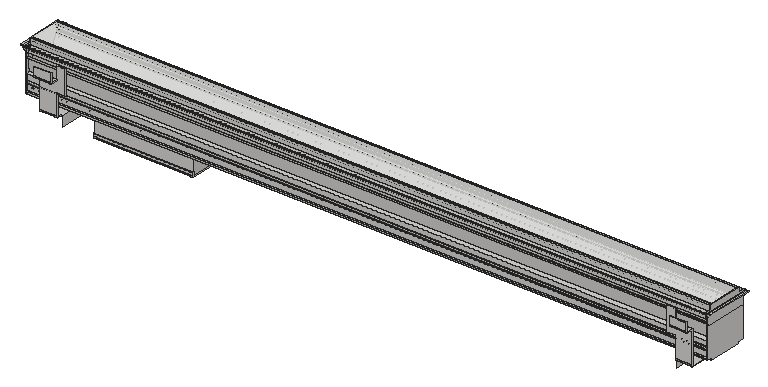
Revit family "CLighting-Luminii-Vesta_2_GT", category Lighting Fixtures, host Face, Revit 2020
Family settings
  Host = Face
  Round Connector Dimension = Use Diameter
  Part Type = Normal
  OmniClass Number = 23.80.70.11.14.21
  OmniClass Title = Spots and Tracklight Specialties
  Cut with Voids When Loaded = No
  Light Source = Yes
  Shared = Yes
  Room Calculation Point = No
Parameters (values of type "Vesta 2 GT - 4'")
  Width = 3.4252"  # constant formula
  Wattage Comments = "3.8 W"
  Wattage = 3.8 W
  Warranty URL = "https://www.luminii.com/terms-conditions/"
  built-in parameter 1150110 = 1 (stored number, unit not read)
  Voltage Comments = "120/277/347V"  # constant formula
  Voltage = 120 V
  Version = "2020 - v1.0a"  # constant formula
  URL = "https://www.luminii.com/"
  built-in parameter 1114217 = 1 (stored number, unit not read)
  Tilt Angle = -90.00°  # constant formula
  built-in parameter 1150109 = 1 (stored number, unit not read)
  built-in parameter 1150134 = (empty or 0)
  built-in parameter 1150113 = 1 (stored number, unit not read)
  Support Phone = "224-699-9545"  # constant formula
  Support Email = "mailto:support@bimsmith.com"
  Slot Bracket Height (1-11/16") [instance] = not([Slot Bracket Height (1-1/2")])  # no
  Slot Bracket Height (1-1/2") [instance] = yes
  Right Junction Box [instance] = not(Left Junction Box)  # no
  Right Cap [instance] = yes
  Product Page URL = "https://www.luminii.com/product/vesta-2-gt/"
  Power Source Type = "Driver"  # constant formula
  Power Factor = 1
  Photometric Web File = "363-90-4-35-F0-XX-04-00.ies"
  Phase = 1
  Operating Temperature = "Consult Manufacturer Website for more Information"  # constant formula
  Number of Poles = if(and(or(Voltage = 120 V, Voltage = 277 V), Phase = 1), 1, if(and(or(Voltage = 208 V, Voltage = 240 V), Phase = 1), 2, if(and(or(Voltage = 208 V, Voltage = 240 V), Phase = 3), 3, if(and(Voltage > 300 V, Phase = 1), 2, if(and(Voltage > 400 V, Phase = 3), 3, 1)))))  # 1
  Mounting Method = "Designed for suspended tile ceilings"  # constant formula
  Model = "Consult Manufacturer for More Information"  # constant formula
  Manufacturer Phone Number = "403-216-7043"  # constant formula
  Manufacturer Email = "mailto: info@sensolighting.com"
  Manufacturer Address = "302 50 Ave SE. Calgary, Alberta, T2G 2A9 Canada"  # constant formula
  Manufacturer = "Luminii"  # constant formula
  built-in parameter 1150105 = 51.407 (stored number, unit not read)
  Lumens = 646 lm
  Luminaire Type = "Recessed LED system designed for suspended tile ceilings"  # constant formula
  built-in parameter 1150115 = 1 (stored number, unit not read)
  Load Classification = Lighting
  built-in parameter 1150137 = (empty or 0)
  built-in parameter 1150139 = (empty or 0)
  Length = if(Constraints = 1, 24", if(Constraints = 2, 48", if(Constraints = 3, 60", if(Constraints = 4, 72", if(Constraints = 5, 96", if(Constraints = 6, 120", if(Constraints = 7, 144", 24")))))))  # 48"
  Left Junction Box [instance] = yes
  Left Cap [instance] = yes
  built-in parameter 1150112 = 1 (stored number, unit not read)
  built-in parameter 1150114 = 1 (stored number, unit not read)
  Lamp Life = 1
  Lamp = "N/A"  # constant formula
  Keynote = "26 50 00"
  built-in parameter 1150132 = (empty or 0)
  built-in parameter 1150102 = (empty or 0)
  built-in parameter 1150107 = 3500 (stored number, unit not read)
  built-in parameter 1150138 = (empty or 0)
  built-in parameter 1150106 = 0.51407 (stored number, unit not read)
  Housing Protection Rating = "Consult Manufacturer Website for more Information"  # constant formula
  Has Dimming = 1 = 1  # yes
  Has Battery Backup = 1 = 1  # yes
  Frequency Comments = ""  # constant formula
  Frequency = 60 Hz
  Finish = Metal - Luminii - Silver Anodized Aluminum
  Environment = "Indoor"  # constant formula
  Emit from Rectangle Width = 2 51/128"  # constant formula
  Emit from Rectangle Length = Length  # 48"
  Emit Shape Visible in Rendering = no
  built-in parameter 1150104 = 15.794 (stored number, unit not read)
  Dimming Type = "Consult Manufacturer Website for more Information"  # constant formula
  Dimming Lamp Color Temperature Shift = <None>
  Description = "Tegular T-grid linear"  # constant formula
  Depth = 3.54331"  # constant formula
  Default Elevation = 0"  # constant formula
  Current Amps = 50 A
  Copyright = "©2023 Luminii"  # constant formula
  Control Zone = "Consult Manufacturer Website for more Information"  # constant formula
  Control Type = "Consult Manufacturer Website for more Information"  # constant formula
  Constraints = 2
  Color Filter = 16777215
  built-in parameter 1114216 [instance] = 0  # (empty or 0)
  built-in parameter 1140040 [instance] = 1 = 1  # 1
  C Right Cap Offset [instance] = if(Right Cap, 0.3752", 0")  # 0.3752"
  C Length Mid = Length / 2  # 24"
  C Left Cap Offset [instance] = if(Left Cap, 0.3752", 0")  # 0.3752"
  C End Cap Right [instance] = if(Right Cap, 0.04764", 0")  # 0.04764"
  C End Cap Left [instance] = if(Left Cap, 0.04764", 0")  # 0.04764"
  built-in parameter 1114218 = 1 (stored number, unit not read)
  built-in parameter 1150133 = 10 (stored number, unit not read)
  Assembly Code = "D5020230"
  Apparent Load = Wattage / Power Factor  # 3.8 VA
Types (5): name | Photometric Web File | Length | Emit from Rectangle Length | Constraints | C Length Mid
  Vesta 2 GT - 4' | "363-90-4-35-F0-XX-04-00.ies" | 48" | 48" | 2 | 24"
  Vesta 2 GT - 6' | "364-90-4-35-F0-XX-06-00.ies" | 72" | 72" | 4 | 36"
  Vesta 2 GT - 8' | "363-90-4-35-F0-XX-08-00.ies" | 96" | 96" | 5 | 48"
  Vesta 2 GT - 10' | "363-90-4-35-F0-XX-10-00.ies" | 120" | 120" | 6 | 60"
  Vesta 2 GT - 12' | "363-90-4-35-F0-XX-12-00.ies" | 144" | 144" | 7 | 72"
Reference planes (in)
  plane 1 "Center (Front/Back)": y = 0
  plane 2: z = 0
  plane 3 "Center (Left/Right)": x = 0
  plane 4: x = -24
  plane 5: x = 24
  plane 6: y = 1.7126
  plane 7: y = -1.7126
  plane 8 "A": z = 0
  plane 9: x = -24.04764
  plane 10: x = 24.04764
Forms (in)
  Extrusion 1, solid, material "Metal - Luminii - Silver Anodized Aluminum", not visible
    sketch origin (0, 0, 0) x (1, 0, 0) y (0, 1, 0)
      loop
        circle (0, 0) r 0.5
    from 0 to -0.17225
Dimensions and locks (in)
  equal spacing: plane 4, plane 3 "Center (Left/Right)", plane 5
  equal spacing: plane 6, plane 1 "Center (Front/Back)", plane 7
  "Width": plane 6 to plane 7
  "C End Cap Right": plane 5 to plane 10
  "C End Cap Left": plane 9 to plane 4
  "C Length Mid": plane 4 to plane 3 "Center (Left/Right)"
  "C Length Mid": plane 3 "Center (Left/Right)" to plane 5
  locked: imposter light to plane 2 at 0.29921
  aligned and locked: host face to plane 2
  aligned and locked: plane 3 "Center (Left/Right)" to Extrusion 1 sketch curve
  aligned and locked: plane 1 "Center (Front/Back)" to Extrusion 1 sketch curve
  aligned and locked: plane 2 to Extrusion 1  (x2)
  aligned and locked: nested 1 to plane 4
  aligned and locked: plane 1 "Center (Front/Back)" to nested 1
  aligned and locked: imposter light to plane 1 "Center (Front/Back)"
  aligned and locked: plane 3 "Center (Left/Right)" to imposter light
Automatic sketch dimensions
  host sketch curve to host sketch curve = 193.24349"
  host sketch curve to host sketch curve = 99"
  radius of Extrusion 1 sketch curve = 1/2"
Nested families (in)
  nested 1: "Nested - Track" at (0, 0, 0), type "Nested - Track"
Connectors (in)
  electrical at (0, 0, 0), driven by "Number of Poles", driven by "Load Classification", driven by "Voltage", driven by "Apparent Load", driven by "Power Factor"
    settings: on Extrusion 1, index 1, voltage 120 V, apparent load 3.8 VA, apparent load phase1 0 VA, apparent load phase2 0 VA, apparent load phase3 0 VA, power factor 1, load classification "Lighting", number of poles 1, system type 30, power factor state 1, is connector primary yes, connector utility no, sub classification motor no, connector description "Power Connection"
Definition of nested family "Nested - Track"
  Parameters (values of type "Nested - Track")
    Slot Bracket Height Option 1 = no
    Slot Bracket Height = if(Slot Bracket Height Option 1, 1.60748", 1.42244")  # 1.42244"
    Right Junction Box = no
    Right Cap = yes
    Light = none
    Length = 48"
    Left Junction Box = yes
    Left Cap = yes
    Finish = none
    Default Elevation = 48"
  Reference planes (in)
    plane 1 "Center (Front/Back)": y = 0
    plane 2: z = 0
    plane 3 "Center (Left/Right)": x = 0
    plane 4: x = -24
    plane 5: x = 24
  Forms (in)
    Extrusion 1, solid
      sketch origin (0, 0, 0) x (1, 0, 0) y (0, 1, 0)
        loop
          line (-48, 48) -> (-48, -48) -> (48, -48) -> (48, 48) -> (-48, 48)
      from 0 to -12
    Sweep 2, solid, material <- "Finish", detail levels fine
      path origin (0, 0, 0) x (1, 0, 0) y (0, 1, 0)
        loop
          line (-24, 0) -> (24, 0)
      profile origin (0, 0, 0) x (0, 1, 0) y (0, 0, 1)
        loop
          line (1.25607, 0.31496) -> (1.19702, 0.31496) -> (1.19702, 0.22047) -> (1.10056, 0.22047) -> (1.05324, 0.17315) -> (1.05324, 0.12205) -> (1.17733, 0.12205) -> (1.17733, -0.15845)
          arc (1.17733, -0.15845) -> (1.12957, -0.15448) -> (1.08323, -0.16669) r 0.14134
          arc (1.08323, -0.16669) -> (1.06451, -0.2164) -> (1.11251, -0.23916) r 0.03922
          arc (1.11251, -0.23916) -> (1.20349, -0.31006) -> (1.09024, -0.33193) r 0.06334
          arc (1.09024, -0.33193) -> (1.03714, -0.33042) -> (1.03124, -0.38321) r 0.03922
          arc (1.03124, -0.38321) -> (1.05494, -0.40753) -> (1.08441, -0.42439) r 0.12213
          line (1.08441, -0.42439) -> (1.12825, -0.44391)
          arc (1.12825, -0.44391) -> (1.15334, -0.50926) -> (1.08799, -0.53434) r 0.04949
          line (1.08799, -0.53434) -> (0.94413, -0.47029) -> (0.9073, -0.55301) -> (1.12309, -0.64909)
          arc (1.12309, -0.64909) -> (1.15484, -0.73179) -> (1.07214, -0.76354) r 0.06264
          line (1.07214, -0.76354) -> (0.85634, -0.66746) -> (0.8035, -0.78615) -> (0.87543, -0.81817) -> (0.92741, -0.79822) -> (1.03531, -0.84626)
          arc (1.03531, -0.84626) -> (1.17078, -0.8409) -> (1.24894, -0.73012) r 0.15319
          line (1.24894, -0.73012) -> (1.28756, -0.48481)
          arc (1.28756, -0.48481) -> (1.35286, -0.43354) -> (1.40917, -0.49454) r 0.06119
          line (1.40917, -0.49454) -> (1.30621, -1.67182) -> (1.18463, -1.66119) -> (1.17085, -1.50371) -> (1.0803, -1.50371) -> (1.0803, -1.74296) -> (1.35569, -1.76705) -> (1.45292, -1.86428) -> (1.45292, -2.13328) -> (1.25607, -2.24693) -> (1.25607, -2.65354) -> (1.45292, -2.65354) -> (1.45292, -2.77165) -> (1.12962, -2.77165) -> (0.33087, -2.77165) -> (0.33087, -3.01969) -> (0.23245, -3.01969) -> (0.23245, -2.77165) -> (0, -2.77165) -> (-0.23245, -2.77165) -> (-0.23245, -3.01969) -> (-0.33087, -3.01969) -> (-0.33087, -2.77165) -> (-1.12962, -2.77165) -> (-1.45292, -2.77165) -> (-1.45292, -2.65354) -> (-1.25607, -2.65354) -> (-1.25607, -2.24693) -> (-1.45292, -2.13328) -> (-1.45292, -1.86428) -> (-1.35569, -1.76705) -> (-1.0803, -1.74296) -> (-1.0803, -1.50371) -> (-1.17085, -1.50371) -> (-1.18463, -1.66119) -> (-1.30621, -1.67182) -> (-1.40917, -0.49454)
          arc (-1.40917, -0.49454) -> (-1.35286, -0.43354) -> (-1.28756, -0.48481) r 0.06119
          line (-1.28756, -0.48481) -> (-1.24894, -0.73014)
          arc (-1.24894, -0.73014) -> (-1.17077, -0.84091) -> (-1.03531, -0.84626) r 0.15319
          line (-1.03531, -0.84626) -> (-0.92741, -0.79822) -> (-0.87543, -0.81817) -> (-0.8035, -0.78615) -> (-0.85634, -0.66746) -> (-1.07214, -0.76354)
          arc (-1.07214, -0.76354) -> (-1.15484, -0.73179) -> (-1.12309, -0.64909) r 0.06264
          line (-1.12309, -0.64909) -> (-0.9073, -0.55301) -> (-0.94413, -0.47029) -> (-1.08799, -0.53434)
          arc (-1.08799, -0.53434) -> (-1.15334, -0.50926) -> (-1.12825, -0.44391) r 0.04949
          line (-1.12825, -0.44391) -> (-1.08441, -0.42439)
          arc (-1.08441, -0.42439) -> (-1.05494, -0.40753) -> (-1.03124, -0.38321) r 0.12213
          arc (-1.03124, -0.38321) -> (-1.03714, -0.33042) -> (-1.09024, -0.33193) r 0.03922
          arc (-1.09024, -0.33193) -> (-1.20349, -0.31006) -> (-1.11251, -0.23916) r 0.06334
          arc (-1.11251, -0.23916) -> (-1.06451, -0.2164) -> (-1.08323, -0.16669) r 0.03922
          arc (-1.08323, -0.16669) -> (-1.12957, -0.15448) -> (-1.17733, -0.15845) r 0.14134
          line (-1.17733, -0.15845) -> (-1.17733, 0.12205) -> (-1.05324, 0.12205) -> (-1.05324, 0.17315) -> (-1.10056, 0.22047) -> (-1.19702, 0.22047) -> (-1.19702, 0.31496) -> (-1.25607, 0.31496) -> (-1.25607, -0.19683)
          arc (-1.25607, -0.19683) -> (-1.33087, -0.27163) -> (-1.40568, -0.19683) r 0.0748
          line (-1.40568, -0.19683) -> (-1.40568, -0.05512) -> (-1.46079, 0) -> (-1.69308, 0)
          arc (-1.69308, 0) -> (-1.707, -0.00577) -> (-1.71276, -0.01969) r 0.01969
          line (-1.71276, -0.01969) -> (-1.71276, -0.05906)
          arc (-1.71276, -0.05906) -> (-1.707, -0.07297) -> (-1.69308, -0.07874) r 0.01969
          line (-1.69308, -0.07874) -> (-1.51591, -0.07874)
          arc (-1.51591, -0.07874) -> (-1.50199, -0.08451) -> (-1.49623, -0.09843) r 0.01969
          line (-1.49623, -0.09843) -> (-1.49623, -0.53886) -> (-1.48137, -0.70866) -> (-1.54347, -0.70866) -> (-1.54347, -0.79921) -> (-1.47345, -0.79921) -> (-1.39642, -1.67972) -> (-1.54347, -1.82677) -> (-1.54347, -2.18556) -> (-1.34662, -2.29921) -> (-1.34662, -2.38976) -> (-1.4821, -2.31155)
          arc (-1.4821, -2.31155) -> (-1.53799, -2.32652) -> (-1.52301, -2.38241) r 0.04091
          line (-1.52301, -2.38241) -> (-1.34662, -2.48425) -> (-1.34662, -2.5748) -> (-1.54347, -2.46115) -> (-1.54347, -2.8622) -> (-1.26788, -2.8622)
          arc (-1.26788, -2.8622) -> (-1.20524, -2.92484) -> (-1.26788, -2.98748) r 0.06264
          line (-1.26788, -2.98748) -> (-1.54347, -2.98748) -> (-1.54347, -3.07087) -> (-1.16946, -3.07087) -> (-1.16946, -3.22835) -> (-1.08284, -3.22835) -> (-1.08284, -2.99961) -> (-1.00546, -2.99961) -> (-0.94653, -3.12598) -> (-0.84662, -3.12598) -> (-0.96962, -2.8622) -> (-0.42142, -2.8622) -> (-0.42142, -3.11024) -> (0, -3.11024) -> (0.42142, -3.11024) -> (0.42142, -2.8622) -> (0.96962, -2.8622) -> (0.84662, -3.12598) -> (0.94653, -3.12598) -> (1.00546, -2.99961) -> (1.08284, -2.99961) -> (1.08284, -3.22835) -> (1.16946, -3.22835) -> (1.16946, -3.07087) -> (1.54347, -3.07087) -> (1.54347, -2.98748) -> (1.26788, -2.98748)
          arc (1.26788, -2.98748) -> (1.20524, -2.92484) -> (1.26788, -2.8622) r 0.06264
          line (1.26788, -2.8622) -> (1.54347, -2.8622) -> (1.54347, -2.46115) -> (1.34662, -2.5748) -> (1.34662, -2.48425) -> (1.52301, -2.38241)
          arc (1.52301, -2.38241) -> (1.53799, -2.32652) -> (1.4821, -2.31155) r 0.04091
          line (1.4821, -2.31155) -> (1.34662, -2.38976) -> (1.34662, -2.29921) -> (1.54347, -2.18556) -> (1.54347, -1.82677) -> (1.39642, -1.67972) -> (1.47345, -0.79921) -> (1.54347, -0.79921) -> (1.54347, -0.70866) -> (1.48137, -0.70866) -> (1.49623, -0.53886) -> (1.49623, -0.09843)
          arc (1.49623, -0.09843) -> (1.50199, -0.08451) -> (1.51591, -0.07874) r 0.01969
          line (1.51591, -0.07874) -> (1.69308, -0.07874)
          arc (1.69308, -0.07874) -> (1.707, -0.07297) -> (1.71276, -0.05906) r 0.01969
          line (1.71276, -0.05906) -> (1.71276, -0.01969)
          arc (1.71276, -0.01969) -> (1.707, -0.00577) -> (1.69308, 0) r 0.01969
          line (1.69308, 0) -> (1.46079, 0) -> (1.40568, -0.05512) -> (1.40568, -0.19683)
          arc (1.40568, -0.19683) -> (1.33087, -0.27163) -> (1.25607, -0.19683) r 0.0748
          line (1.25607, -0.19683) -> (1.25607, 0.31496)
    Extrusion 3, solid, material <- "Light"
      sketch origin (0, 0, 0.21654) x (0, 1, 0) y (0, 0, 1)
        loop
          arc (-1.14092, 0.08268) -> (-1.17039, 0.07115) -> (-1.18192, 0.04331) r 0.03937
          line (-1.18192, 0.04331) -> (-1.18192, 0.00394) -> (-1.04412, 0.00394) -> (-1.04412, -0.07172) -> (-1.08011, -0.10771)
          arc (-1.08011, -0.10771) -> (-1.10318, -0.16339) -> (-1.08011, -0.21906) r 0.07874
          line (-1.08011, -0.21906) -> (-1.03502, -0.26416)
          arc (-1.03502, -0.26416) -> (-0.99883, -0.26416) -> (-0.99883, -0.22797) r 0.02559
          line (-0.99883, -0.22797) -> (-1.06341, -0.16339) -> (-0.99294, -0.09292) -> (-0.99294, 0.00394) -> (0.99294, 0.00394) -> (0.99294, -0.09292) -> (1.06341, -0.16339) -> (0.99883, -0.22797)
          arc (0.99883, -0.22797) -> (0.99883, -0.26416) -> (1.03502, -0.26416) r 0.02559
          line (1.03502, -0.26416) -> (1.08011, -0.21906)
          arc (1.08011, -0.21906) -> (1.10318, -0.16339) -> (1.08011, -0.10771) r 0.07874
          line (1.08011, -0.10771) -> (1.04412, -0.07172) -> (1.04412, 0.00394) -> (1.18192, 0.00394) -> (1.18192, 0.04331)
          arc (1.18192, 0.04331) -> (1.17039, 0.07115) -> (1.14255, 0.08268) r 0.03937
          line (1.14255, 0.08268) -> (-1.14092, 0.08268)
      from -24 to 24
    Sweep 4, solid, material <- "Finish", detail levels coarse+medium
      path origin (0, 0, 0) x (1, 0, 0) y (0, 1, 0)
        loop
          line (-24, 0) -> (24, 0)
      profile origin (0, 0, 0) x (0, 1, 0) y (0, 0, 1)
        loop
          line (1.21787, -0.92754) -> (1.2877, -0.48391) -> (1.40917, -0.49454) -> (1.30253, -1.71389) -> (1.45292, -1.86428) -> (1.45292, -2.77165) -> (0, -2.77165) -> (-1.45292, -2.77165) -> (-1.45292, -1.86428) -> (-1.30253, -1.71389) -> (-1.40917, -0.49454) -> (-1.2877, -0.48391) -> (-1.21787, -0.92754) -> (-0.81951, -0.75018) -> (-0.94413, -0.47029) -> (-1.17733, -0.57412) -> (-1.17733, 0.12205) -> (-1.05324, 0.12205) -> (-1.05324, 0.17315) -> (-1.10056, 0.22047) -> (-1.19702, 0.22047) -> (-1.19702, 0.31496) -> (-1.25607, 0.31496) -> (-1.25607, 0) -> (-1.71276, 0) -> (-1.71276, -0.07874) -> (-1.49623, -0.07874) -> (-1.49623, -0.53886) -> (-1.48137, -0.70866) -> (-1.54347, -0.70866) -> (-1.54347, -0.79921) -> (-1.47345, -0.79921) -> (-1.39642, -1.67972) -> (-1.54347, -1.82677) -> (-1.54347, -3.07087) -> (-1.16946, -3.07087) -> (-1.16946, -3.22835) -> (-1.08284, -3.22835) -> (-1.08284, -3.12598) -> (-0.84662, -3.12598) -> (-0.96962, -2.8622) -> (-0.42142, -2.8622) -> (-0.42142, -3.11024) -> (0, -3.11024) -> (0.42142, -3.11024) -> (0.42142, -2.8622) -> (0.96962, -2.8622) -> (0.84662, -3.12598) -> (1.08284, -3.12598) -> (1.08284, -3.22835) -> (1.16946, -3.22835) -> (1.16946, -3.07087) -> (1.54347, -3.07087) -> (1.54347, -1.82677) -> (1.39642, -1.67972) -> (1.47345, -0.79921) -> (1.54347, -0.79921) -> (1.54347, -0.70866) -> (1.48137, -0.70866) -> (1.49623, -0.53886) -> (1.49623, -0.07874) -> (1.71276, -0.07874) -> (1.71276, 0) -> (1.25607, 0) -> (1.25607, 0.31496) -> (1.19702, 0.31496) -> (1.19702, 0.22047) -> (1.10056, 0.22047) -> (1.05324, 0.17315) -> (1.05324, 0.12205) -> (1.17733, 0.12205) -> (1.17733, -0.57412) -> (0.94413, -0.47029) -> (0.81951, -0.75018) -> (1.21787, -0.92754)
    Extrusion 5, solid, material <- "Finish"
      sketch origin (0, 0, 0.15598) x (0, 1, 0) y (0, 0, 1)
        loop
          line (1.04821, -0.31522) -> (0.56, -1.41176) -> (-0.56, -1.41176) -> (-1.04821, -0.31522) -> (-1.07734, -0.32819) -> (-0.58121, -1.44252) -> (0.58121, -1.44252) -> (1.07734, -0.32819) -> (1.04821, -0.31522)
      from -24 to 24
  Lines and regions (in)
    reference lines
      curve 1: line (23.01575, 0, -9.15777) -> (23.01575, 0, 2.09223)
      curve 2: line (-23.01575, 0, -9.15777) -> (-23.01575, 0, 2.09223)
      curve 3: line (36.375, 0, -4.56184) -> (-34, 0, -4.56184)
      curve 4: line (0, 3.26533, -1.42244) -> (0, -3.37026, -1.42244)
  Dimensions and locks (in)
    equal spacing: plane 4, plane 3 "Center (Left/Right)", plane 5
    "Length": plane 4 to plane 5
    locked: plane 5 to curve 1 at 0.98425
    locked: curve 2 to plane 4 at 0.98425
    locked: nested 6 to plane 4 at 4.375
    locked: plane 5 to nested 5 at 4.375
    "Slot Bracket Height": plane 2 to curve 4
    aligned and locked: plane 2 to Extrusion 1
    aligned and locked: level to Extrusion 1
    aligned and locked: plane 4 to Sweep 2 sketch curve
    aligned and locked: plane 1 "Center (Front/Back)" to Sweep 2 sketch curve
    aligned and locked: plane 5 to Sweep 2 sketch curve
    aligned and locked: plane 4 to Sweep 4 sketch curve
    aligned and locked: plane 5 to Sweep 4 sketch curve
    aligned and locked: plane 1 "Center (Front/Back)" to Sweep 4 sketch curve
    aligned and locked: plane 1 "Center (Front/Back)" to nested 1
    aligned and locked: nested 2 to plane 1 "Center (Front/Back)"
    aligned and locked: plane 4 to nested 2
    aligned and locked: plane 5 to nested 1
    aligned and locked: plane 1 "Center (Front/Back)" to nested 3
    aligned and locked: curve 1 to nested 3
    aligned and locked: nested 4 to plane 1 "Center (Front/Back)"
    aligned and locked: curve 2 to nested 4
    aligned and locked: plane 1 "Center (Front/Back)" to nested 5
    aligned and locked: Extrusion 5 to plane 4
    aligned and locked: plane 5 to Extrusion 5
    aligned and locked: nested 6 to curve 3
    aligned and locked: curve 3 to nested 5
    aligned and locked: plane 5 to Extrusion 3
    aligned and locked: Extrusion 3 to plane 4
    aligned and locked: curve 4 to nested 4
    aligned and locked: nested 3 to curve 4
  Automatic sketch dimensions
    Extrusion 1 sketch curve to Extrusion 1 sketch curve = 96"  (x2)
    level to Extrusion 3 sketch curve = 0.22047"  (x2)
    plane 1 "Center (Front/Back)" to Extrusion 3 sketch curve = 1.18192"
    Extrusion 3 sketch curve to Extrusion 3 sketch curve = 0.03937"  (x4)
    Extrusion 3 sketch curve to level = 0.00253"  (x2)
    Extrusion 3 sketch curve to Extrusion 3 sketch curve = 0.1018"
    level to Extrusion 3 sketch curve = 0.10883"  (x2)
    Extrusion 3 sketch curve to Extrusion 3 sketch curve = 0"  (x6)
    level to Extrusion 3 sketch curve = 0.05315"  (x2)
    Extrusion 3 sketch curve to Extrusion 3 sketch curve = 0.0167"  (x2)
    level to Extrusion 3 sketch curve = 0.14482"  (x2)
    Extrusion 3 sketch curve to Extrusion 3 sketch curve = 0.03599"  (x2)
    Extrusion 3 sketch curve to Extrusion 3 sketch curve = 0.04509"
    Extrusion 3 sketch curve to Extrusion 3 sketch curve = 0.03897"  (x2)
    Extrusion 3 sketch curve to Extrusion 3 sketch curve = 0.0181"  (x6)
    Extrusion 3 sketch curve to level = 0.01143"  (x2)
    Extrusion 3 sketch curve to Extrusion 3 sketch curve = 0.05118"  (x2)
    Extrusion 3 sketch curve to plane 1 "Center (Front/Back)" = 0.99294"
    Extrusion 3 sketch curve to Extrusion 3 sketch curve = 0.00589"
    Extrusion 3 sketch curve to Extrusion 3 sketch curve = 0.02561"
    Extrusion 3 sketch curve to Extrusion 3 sketch curve = 0.09843"
    Extrusion 3 sketch curve to Extrusion 3 sketch curve = 0.00163"
    Extrusion 5 sketch curve to level = 0.17221"  (x2)
    plane 1 "Center (Front/Back)" to Extrusion 5 sketch curve = 1.07734"
    Extrusion 5 sketch curve to level = 0.15923"  (x2)
    Extrusion 5 sketch curve to Extrusion 5 sketch curve = 0.02913"  (x2)
    Extrusion 5 sketch curve to plane 1 "Center (Front/Back)" = 0.56"
    Extrusion 5 sketch curve to Extrusion 5 sketch curve = 0.02121"  (x2)
    Extrusion 5 sketch curve to Extrusion 5 sketch curve = 0.49613"
    curve 2 to level = 9.15777"
    curve 3 to plane 4 = 10"
    plane 5 to curve 3 = 12 3/8"
    curve 1 to level = 9.15777"
    level to curve 2 = 2.09223"
    level to curve 1 = 2.09223"
    Sweep 2 sketch curve to Sweep 2 sketch curve = 0"  (x22)
    Sweep 2 sketch curve to level = 0"  (x2)
    Sweep 2 sketch curve to profile plane = 0"  (x2)
    profile plane to Sweep 2 sketch curve = 0.23245"
    Sweep 2 sketch curve to Sweep 2 sketch curve = 0.09843"  (x3)
    Sweep 2 sketch curve to Sweep 2 sketch curve = 0.09055"  (x27)
    profile plane to Sweep 2 sketch curve = 0.8035"
    Sweep 2 sketch curve to Sweep 2 sketch curve = 0.4252"  (x2)
    Sweep 2 sketch curve to Sweep 2 sketch curve = 0.05284"  (x2)
    Sweep 2 sketch curve to Sweep 2 sketch curve = 0.07193"  (x2)
    Sweep 2 sketch curve to Sweep 2 sketch curve = 0.05095"  (x2)
    Sweep 2 sketch curve to Sweep 2 sketch curve = 0.05198"  (x2)
    Sweep 2 sketch curve to level = 0.47029"  (x2)
    Sweep 2 sketch curve to Sweep 2 sketch curve = 0.03683"  (x4)
    Sweep 2 sketch curve to Sweep 2 sketch curve = 0.09991"  (x2)
    Sweep 2 sketch curve to Sweep 2 sketch curve = 0.02309"  (x2)
    Sweep 2 sketch curve to Sweep 2 sketch curve = 0.05893"  (x2)
    Sweep 2 sketch curve to Sweep 2 sketch curve = 0.1079"  (x2)
    level to Sweep 2 sketch curve = 0.17315"  (x2)
    Sweep 2 sketch curve to Sweep 2 sketch curve = 0.10911"  (x2)
    Sweep 2 sketch curve to Sweep 2 sketch curve = 0.11874"  (x2)
    Sweep 2 sketch curve to Sweep 2 sketch curve = 0.04499"  (x2)
    Sweep 2 sketch curve to Sweep 2 sketch curve = 0.13631"  (x2)
    Sweep 2 sketch curve to level = 0.42439"  (x2)
    Sweep 2 sketch curve to Sweep 2 sketch curve = 0.02154"  (x2)
    Sweep 2 sketch curve to level = 0.53434"  (x2)
    Sweep 2 sketch curve to Sweep 2 sketch curve = 0.00358"  (x2)
    Sweep 2 sketch curve to Sweep 2 sketch curve = 0.02548"  (x4)
    level to Sweep 2 sketch curve = 0.22047"  (x2)
    Sweep 2 sketch curve to Sweep 2 sketch curve = 0.04732"  (x2)
    Sweep 2 sketch curve to Sweep 2 sketch curve = 0.03801"  (x2)
    Sweep 2 sketch curve to Sweep 2 sketch curve = 0.02013"  (x2)
    Sweep 2 sketch curve to level = 0.64909"  (x2)
    Sweep 2 sketch curve to level = 0.44391"  (x2)
    Sweep 2 sketch curve to Sweep 2 sketch curve = 0.04384"  (x2)
    Sweep 2 sketch curve to Sweep 2 sketch curve = 0.15999"  (x2)
    Sweep 2 sketch curve to Sweep 2 sketch curve = 0.06686"  (x2)
    Sweep 2 sketch curve to Sweep 2 sketch curve = 0.01217"  (x2)
    Sweep 2 sketch curve to Sweep 2 sketch curve = 0.08661"  (x2)
    Sweep 2 sketch curve to Sweep 2 sketch curve = 0.12409"  (x2)
    Sweep 2 sketch curve to Sweep 2 sketch curve = 0.10433"  (x2)
    Sweep 2 sketch curve to Sweep 2 sketch curve = 0.09646"  (x2)
    Sweep 2 sketch curve to level = 0.73014"
    Sweep 2 sketch curve to Sweep 2 sketch curve = 0.12585"  (x2)
    Sweep 2 sketch curve to Sweep 2 sketch curve = 0.07874"  (x5)
    Sweep 2 sketch curve to Sweep 2 sketch curve = 0.12645"
    Sweep 2 sketch curve to Sweep 2 sketch curve = 0.13826"  (x2)
    Sweep 2 sketch curve to level = 0.48481"  (x2)
    Sweep 2 sketch curve to Sweep 2 sketch curve = 0.15931"  (x2)
    Sweep 2 sketch curve to Sweep 2 sketch curve = 0.12158"  (x2)
    Sweep 2 sketch curve to Sweep 2 sketch curve = 0.0748"  (x2)
    Sweep 2 sketch curve to Sweep 2 sketch curve = 0.06041"  (x2)
    Sweep 2 sketch curve to Sweep 2 sketch curve = 0.04948"  (x2)
    Sweep 2 sketch curve to Sweep 2 sketch curve = 0.09021"  (x2)
    Sweep 2 sketch curve to level = 0.49454"  (x2)
    Sweep 2 sketch curve to Sweep 2 sketch curve = 0.1063"  (x2)
    Sweep 2 sketch curve to Sweep 2 sketch curve = 0.05512"  (x2)
    Sweep 2 sketch curve to Sweep 2 sketch curve = 0.22451"  (x2)
    Sweep 2 sketch curve to level = 0.70866"
    Sweep 2 sketch curve to Sweep 2 sketch curve = 0.00792"  (x2)
    Sweep 2 sketch curve to Sweep 2 sketch curve = 0.13548"  (x2)
    Sweep 2 sketch curve to Sweep 2 sketch curve = 0.02046"  (x6)
    Sweep 2 sketch curve to Sweep 2 sketch curve = 0.01969"  (x5)
    Sweep 2 sketch curve to Sweep 2 sketch curve = 0.27559"  (x2)
    Sweep 2 sketch curve to Sweep 2 sketch curve = 0.0621"
    Sweep 2 sketch curve to Sweep 2 sketch curve = 0.17717"  (x2)
    Sweep 2 sketch curve to profile plane = 0.23245"
    Sweep 2 sketch curve to profile plane = 0.8035"
    Sweep 2 sketch curve to level = 0.73012"
    Sweep 2 sketch curve to Sweep 2 sketch curve = 0.05906"
    Sweep 2 sketch curve to Sweep 2 sketch curve = 45/256"
    Sweep 2 sketch curve to Sweep 2 sketch curve = 0.09723"
    Sweep 2 sketch curve to Sweep 2 sketch curve = 0.18504"
    Sweep 2 sketch curve to level = 0.53886"
    Sweep 2 sketch curve to Sweep 2 sketch curve = 0.08706"
    Sweep 2 sketch curve to Sweep 2 sketch curve = 0.07002"
    Sweep 2 sketch curve to level = 0.01969"
    Sweep 2 sketch curve to Sweep 2 sketch curve = 0.11444"  (x2)
    Sweep 2 sketch curve to Sweep 2 sketch curve = 0.23313"  (x2)
    Sweep 2 sketch curve to Sweep 2 sketch curve = 0.01207"  (x2)
    Sweep 2 sketch curve to Sweep 2 sketch curve = 0.26035"
    Sweep 2 sketch curve to Sweep 2 sketch curve = 0.01995"  (x2)
    Sweep 2 sketch curve to Sweep 2 sketch curve = 0.08272"  (x2)
    Sweep 2 sketch curve to Sweep 2 sketch curve = 0.65745"  (x2)
    Sweep 2 sketch curve to Sweep 2 sketch curve = 0.15748"  (x5)
    Sweep 2 sketch curve to Sweep 2 sketch curve = 0.01064"  (x2)
    Sweep 2 sketch curve to Sweep 2 sketch curve = 0.00789"  (x2)
    Sweep 2 sketch curve to Sweep 2 sketch curve = 0.08177"  (x2)
    Sweep 2 sketch curve to Sweep 2 sketch curve = 0.08733"  (x2)
    Sweep 2 sketch curve to Sweep 2 sketch curve = 0.05972"  (x2)
    Sweep 2 sketch curve to Sweep 2 sketch curve = 0.03751"  (x2)
    Sweep 2 sketch curve to Sweep 2 sketch curve = 0.269"  (x2)
    Sweep 2 sketch curve to Sweep 2 sketch curve = 0.05228"  (x4)
    Sweep 2 sketch curve to Sweep 2 sketch curve = 0.11365"  (x2)
    Sweep 2 sketch curve to Sweep 2 sketch curve = 0.01233"  (x2)
    Sweep 2 sketch curve to Sweep 2 sketch curve = 0.03543"  (x2)
    Sweep 2 sketch curve to Sweep 2 sketch curve = 0.09449"  (x4)
    Sweep 2 sketch curve to Sweep 2 sketch curve = 0.11811"  (x5)
    Sweep 2 sketch curve to Sweep 2 sketch curve = 0.06264"  (x2)
    Sweep 2 sketch curve to Sweep 2 sketch curve = 0.1374"  (x2)
    Sweep 2 sketch curve to Sweep 2 sketch curve = 0.07126"  (x2)
    Sweep 2 sketch curve to Sweep 2 sketch curve = 0.12638"  (x2)
    Sweep 2 sketch curve to Sweep 2 sketch curve = 0.10236"
    Sweep 2 sketch curve to Sweep 2 sketch curve = 0.04433"
    Sweep 2 sketch curve to Sweep 2 sketch curve = 0.06438"  (x2)
    Sweep 2 sketch curve to Sweep 2 sketch curve = 0.04904"  (x2)
    Sweep 2 sketch curve to Sweep 2 sketch curve = 0.01571"  (x2)
    Sweep 2 sketch curve to Sweep 2 sketch curve = 0.09356"  (x2)
    Sweep 2 sketch curve to level = 0.19683"  (x2)
    Sweep 2 sketch curve to Sweep 2 sketch curve = 0.03838"
    Sweep 2 sketch curve to level = 0.09843"  (x2)
    Sweep 2 sketch curve to level = 0.05512"  (x2)
    Sweep 2 sketch curve to Sweep 2 sketch curve = 0.0511"
    Sweep 2 sketch curve to Sweep 2 sketch curve = 0.01765"  (x2)
    Sweep 2 sketch curve to Sweep 2 sketch curve = 0.02737"  (x2)
    Sweep 2 sketch curve to Sweep 2 sketch curve = 0.01163"
    Sweep 4 sketch curve to level = 0"  (x2)
    Sweep 4 sketch curve to profile plane = 0"  (x2)
    Sweep 4 sketch curve to Sweep 4 sketch curve = 0.42142"
    profile plane to Sweep 4 sketch curve = 0.81951"
    Sweep 4 sketch curve to Sweep 4 sketch curve = 0.4252"  (x2)
    Sweep 4 sketch curve to level = 0.47029"  (x2)
    Sweep 4 sketch curve to Sweep 4 sketch curve = 0.12462"  (x2)
    Sweep 4 sketch curve to Sweep 4 sketch curve = 0.123"  (x2)
    level to Sweep 4 sketch curve = 0.12205"  (x2)
    Sweep 4 sketch curve to Sweep 4 sketch curve = 0.10911"  (x2)
    Sweep 4 sketch curve to Sweep 4 sketch curve = 0.23622"  (x2)
    Sweep 4 sketch curve to Sweep 4 sketch curve = 0.04732"  (x3)
    Sweep 4 sketch curve to Sweep 4 sketch curve = 0.08661"  (x2)
    Sweep 4 sketch curve to Sweep 4 sketch curve = 0.2332"  (x2)
    Sweep 4 sketch curve to Sweep 4 sketch curve = 0.09646"  (x2)
    Sweep 4 sketch curve to Sweep 4 sketch curve = 0.04054"  (x2)
    Sweep 4 sketch curve to Sweep 4 sketch curve = 0.05906"  (x2)
    Sweep 4 sketch curve to level = 0.48391"  (x2)
    Sweep 4 sketch curve to Sweep 4 sketch curve = 0.11037"  (x2)
    Sweep 4 sketch curve to Sweep 4 sketch curve = 0.08467"  (x2)
    Sweep 4 sketch curve to Sweep 4 sketch curve = 0.09388"  (x2)
    Sweep 4 sketch curve to level = 0.49454"  (x2)
    Sweep 4 sketch curve to Sweep 4 sketch curve = 0.12147"  (x2)
    Sweep 4 sketch curve to Sweep 4 sketch curve = 0.0565"  (x2)
    Sweep 4 sketch curve to Sweep 4 sketch curve = 0.25558"  (x2)
    Sweep 4 sketch curve to Sweep 4 sketch curve = 0.00792"  (x2)
    Sweep 4 sketch curve to level = 0.07874"  (x2)
    Sweep 4 sketch curve to Sweep 4 sketch curve = 0.24016"  (x2)
    Sweep 4 sketch curve to Sweep 4 sketch curve = 0.09055"  (x10)
    Sweep 4 sketch curve to Sweep 4 sketch curve = 0.07002"  (x2)
    Sweep 4 sketch curve to Sweep 4 sketch curve = 0.21654"  (x2)
    Sweep 4 sketch curve to profile plane = 0.42142"
    Sweep 4 sketch curve to profile plane = 0.81951"
    level to Sweep 4 sketch curve = 0.22047"
    Sweep 4 sketch curve to Sweep 4 sketch curve = 0.11288"  (x2)
    Sweep 4 sketch curve to Sweep 4 sketch curve = 0.03751"  (x2)
    Sweep 4 sketch curve to Sweep 4 sketch curve = 0.90737"
    Sweep 4 sketch curve to Sweep 4 sketch curve = 0.29921"  (x2)
    Sweep 4 sketch curve to Sweep 4 sketch curve = 0.24803"
    Sweep 4 sketch curve to Sweep 4 sketch curve = 0.26378"
    Sweep 4 sketch curve to Sweep 4 sketch curve = 0.05512"
    Sweep 4 sketch curve to Sweep 4 sketch curve = 0.10236"  (x2)
    Sweep 4 sketch curve to Sweep 4 sketch curve = 0.03417"  (x2)
    Sweep 4 sketch curve to Sweep 4 sketch curve = 0.44363"  (x2)
    Sweep 4 sketch curve to Sweep 4 sketch curve = 0.12833"  (x2)
    Sweep 4 sketch curve to Sweep 4 sketch curve = 0"  (x2)
    Sweep 4 sketch curve to Sweep 4 sketch curve = 0.27989"  (x2)
    Sweep 4 sketch curve to Sweep 4 sketch curve = 0.09021"  (x2)
    Sweep 4 sketch curve to Sweep 4 sketch curve = 0.04433"  (x2)
    Sweep 4 sketch curve to Sweep 4 sketch curve = 0.0511"  (x2)
    Sweep 4 sketch curve to Sweep 4 sketch curve = 0.09449"  (x2)
    curve 3 to level = 4.56184"
    plane 1 "Center (Front/Back)" to curve 4 = 3.37026"
    curve 4 to plane 1 "Center (Front/Back)" = 3.26533"
  Nested families (in)
    nested 1: "Nested - Ends" at (24, 0, 0), visible <- "Right Cap", type "Default"
    nested 2: "Nested - Ends" at (-24, 0, 0) x (-1, 0, 0) z (0, 0, 1), visible <- "Left Cap", type "Default"
    nested 3: "Nested - Clips" at (23.01575, 0, -1.42244), type "Default", detail levels fine
    nested 4: "Nested - Clips" at (-23.01575, 0, -1.42244) x (-1, 0, 0) z (0, 0, 1), type "Default", detail levels fine
    nested 5: "Nested - JB" at (19.625, 0, -4.56184), visible <- "Right Junction Box", type "Default", detail levels fine
    nested 6: "Nested - JB" at (-19.625, 0, -4.56184) x (-1, 0, 0) z (0, 0, 1), visible <- "Left Junction Box", type "Default", detail levels fine
  Definition of nested family "Nested - Ends"
    Parameters (values of type "Default")
      Right Cap = yes
      Finish = none
      Default Elevation = 0"
    Reference planes (in)
      plane 1 "Center (Front/Back)": y = 0
      plane 2: z = 0
      plane 3 "Center (Left/Right)": x = 0
    Forms (in)
      Extrusion 1, solid, material <- "Finish"
        sketch origin (0.04764, -0.00081, 0) x (0, 0, 1) y (0, -1, 0)
          loop
            line (-0.07087, 1.71178) -> (-0.24803, 1.53462) -> (-3.07087, 1.53462) -> (-3.07087, 1.16848) -> (-3.22835, 1.16848) -> (-3.22835, -1.17011) -> (-3.07087, -1.17011) -> (-3.07087, -1.53625) -> (-0.24803, -1.53625) -> (-0.07087, -1.71341) -> (-0.01969, -1.71341)
            arc (-0.01969, -1.71341) -> (-0.00577, -1.70765) -> (0, -1.69373) r 0.01969
            line (0, -1.69373) -> (0, -1.27641)
            arc (0, -1.27641) -> (0.00577, -1.26249) -> (0.01969, -1.25672) r 0.01969
            line (0.01969, -1.25672) -> (0.29528, -1.25672)
            arc (0.29528, -1.25672) -> (0.3092, -1.25095) -> (0.31496, -1.23704) r 0.01969
            line (0.31496, -1.23704) -> (0.31496, 1.23541)
            arc (0.31496, 1.23541) -> (0.3092, 1.24932) -> (0.29528, 1.25509) r 0.01969
            line (0.29528, 1.25509) -> (0.01969, 1.25509)
            arc (0.01969, 1.25509) -> (0.00577, 1.26086) -> (0, 1.27478) r 0.01969
            line (0, 1.27478) -> (0, 1.6921)
            arc (0, 1.6921) -> (-0.00577, 1.70602) -> (-0.01969, 1.71178) r 0.01969
            line (-0.01969, 1.71178) -> (-0.07087, 1.71178)
        from -0.04764 to 0
      Extrusion 2, solid, material <- "Finish"
        sketch origin (0, 0, 0) x (0, 1, 0) y (0, 0, 1)
          loop
            arc (1.41732, -0.87209) -> (1.50084, -0.83749) -> (1.53543, -0.75398) r 0.11811
            line (1.53543, -0.75398) -> (1.53543, -0.44857)
            arc (1.53543, -0.44857) -> (1.54442, -0.40337) -> (1.57003, -0.36505) r 0.11811
            line (1.57003, -0.36505) -> (1.678, -0.25708)
            arc (1.678, -0.25708) -> (1.70361, -0.21876) -> (1.7126, -0.17356) r 0.11811
            line (1.7126, -0.17356) -> (1.7126, -0.11014) -> (-1.7126, -0.11014) -> (-1.7126, -0.17356)
            arc (-1.7126, -0.17356) -> (-1.70361, -0.21876) -> (-1.678, -0.25708) r 0.11811
            line (-1.678, -0.25708) -> (-1.57003, -0.36505)
            arc (-1.57003, -0.36505) -> (-1.54442, -0.40337) -> (-1.53543, -0.44857) r 0.11811
            line (-1.53543, -0.44857) -> (-1.53543, -0.75398)
            arc (-1.53543, -0.75398) -> (-1.50084, -0.83749) -> (-1.41732, -0.87209) r 0.11811
            line (-1.41732, -0.87209) -> (1.41732, -0.87209)
        from 0.04764 to 0.09528
      Extrusion 3, solid, material <- "Finish"
        sketch origin (0, 0, 0) x (1, 0, 0) y (0, 0, 1)
          loop
            line (0.15778, -0.04764) -> (0.32323, -0.04764) -> (0.32323, 0) -> (0.15778, 0)
            arc (0.15778, 0) -> (0.0799, -0.03226) -> (0.04764, -0.11014) r 0.11014
            line (0.04764, -0.11014) -> (0.09528, -0.11014)
            arc (0.09528, -0.11014) -> (0.11358, -0.06594) -> (0.15778, -0.04764) r 0.0625
        from -1.7126 to 1.7126
    Cuts and joins
      joined: Extrusion 2, Extrusion 3
    Dimensions and locks (in)
      aligned and locked: plane 2 to level
  Definition of nested family "Nested - Clips"
    Parameters
      Finish = none
      Default Elevation = 0"
    Reference planes (in)
      plane 1 "Center (Front/Back)": y = 0
      plane 2: z = 0
      plane 3 "Center (Left/Right)": x = 0
    Forms (in)
      Extrusion 1, solid, material <- "Finish"
        sketch origin (-1.06299, 2.13819, -0.61319) x (0, 0, 1) y (0, 1, 0)
          loop
            line (1.25984, -0.05157) -> (1.25984, 0) -> (0.67569, 0)
            arc (0.67569, 0) -> (0.59503, -0.03341) -> (0.56162, -0.11407) r 0.11407
            line (0.56162, -0.11407) -> (0.56162, -0.5315) -> (-1.68651, -0.5315)
            arc (-1.68651, -0.5315) -> (-1.76718, -0.56491) -> (-1.80059, -0.64557) r 0.11407
            line (-1.80059, -0.64557) -> (-1.80059, -3.63081)
            arc (-1.80059, -3.63081) -> (-1.76718, -3.71147) -> (-1.68651, -3.74488) r 0.11407
            line (-1.68651, -3.74488) -> (0.56162, -3.74488) -> (0.56162, -4.1623)
            arc (0.56162, -4.1623) -> (0.59503, -4.24297) -> (0.67569, -4.27638) r 0.11407
            line (0.67569, -4.27638) -> (1.25984, -4.27638) -> (1.25984, -4.2248) -> (0.67569, -4.2248)
            arc (0.67569, -4.2248) -> (0.6315, -4.2065) -> (0.61319, -4.1623) r 0.0625
            line (0.61319, -4.1623) -> (0.61319, -3.69331) -> (-1.68651, -3.69331)
            arc (-1.68651, -3.69331) -> (-1.73071, -3.675) -> (-1.74901, -3.63081) r 0.0625
            line (-1.74901, -3.63081) -> (-1.74901, -0.64557)
            arc (-1.74901, -0.64557) -> (-1.73071, -0.60138) -> (-1.68651, -0.58307) r 0.0625
            line (-1.68651, -0.58307) -> (0.61319, -0.58307) -> (0.61319, -0.11407)
            arc (0.61319, -0.11407) -> (0.6315, -0.06988) -> (0.67569, -0.05157) r 0.0625
            line (0.67569, -0.05157) -> (1.25984, -0.05157)
        from -1.06299 to 0.11811
      Extrusion 2, solid, material <- "Finish"
        sketch origin (-2.24409, 2.13819, -0.61319) x (0, 0, 1) y (0, 1, 0)
          loop
            line (1.5187, -0.58307) -> (1.5187, -0.5315) -> (-0.20399, -0.5315) -> (-0.32684, -0.74429) -> (-0.28218, -0.77008) -> (-0.17421, -0.58307) -> (1.5187, -0.58307)
          loop
            line (1.5187, -3.69331) -> (-0.17421, -3.69331) -> (-0.28218, -3.5063) -> (-0.32684, -3.53209) -> (-0.20399, -3.74488) -> (1.5187, -3.74488) -> (1.5187, -3.69331)
        from -1.06299 to -0.47244
      Extrusion 3, solid, material <- "Finish"
        sketch origin (-1.37795, 1.27953, -3.04222) x (0, 0, 1) y (1, 0, 0)
          loop
            line (0.68002, 0.19685) -> (0.62844, 0.19685) -> (0.62844, 0.05157) -> (0, 0.05157) -> (0, 0) -> (0.68002, 0) -> (0.68002, 0.19685)
        from 0 to -2.55906
    Cuts and joins
      joined: Extrusion 1, Extrusion 2, Extrusion 3
    Dimensions and locks (in)
      aligned and locked: plane 2 to level
  Definition of nested family "Nested - JB"
    Parameters
      Finish = none
      Default Elevation = 0"
    Reference planes (in)
      plane 1 "Center (Front/Back)": y = 0
      plane 2: z = 0
      plane 3 "Center (Left/Right)": x = 0
    Forms (in)
      Extrusion 1, solid, material <- "Finish"
        sketch origin (0, 0, 1.4038) x (0, 1, 0) y (0, 0, 1)
          loop
            line (-1.0478, 0.0478) -> (-1.0478, -1.3522) -> (1.0478, -1.3522) -> (1.0478, 0.0478) -> (-1.0478, 0.0478)
          loop
            circle (0, -0.60328) r 0.35798
        from 0 to -7
      Extrusion 2, solid, material <- "Finish"
        sketch origin (0, 0, 1.4038) x (0, 1, 0) y (0, 0, 1)
          loop
            line (1.07, -1.1022) -> (1.07, -1.3522) -> (-1.07, -1.3522) -> (-1.07, -1.1022) -> (-1.1216, -1.1022) -> (-1.1216, -1.3022)
            arc (-1.1216, -1.3022) -> (-1.09184, -1.37404) -> (-1.02, -1.4038) r 0.1016
            line (-1.02, -1.4038) -> (1.02, -1.4038)
            arc (1.02, -1.4038) -> (1.09184, -1.37404) -> (1.1216, -1.3022) r 0.1016
            line (1.1216, -1.3022) -> (1.1216, -1.1022) -> (1.07, -1.1022)
        from 0 to -7
      Revolve 3, solid, material <- "Finish"
        sketch origin (-18.9375, 0, 4.71932) x (1, 0, 0) y (0, 0, 1)
          loop
            line (11.9375, -3.9188) -> (11.9375, -3.55887) -> (11.89683, -3.55887)
            arc (11.89683, -3.55887) -> (11.83583, -3.73426) -> (11.81516, -3.9188) r 0.83395
            line (11.81516, -3.9188) -> (11.9375, -3.9188)
          axis (11.9375, -3.9188) -> (11.81516, -3.9188)
        angle from 0 to 360
    Dimensions and locks (in)
      aligned and locked: plane 2 to level
